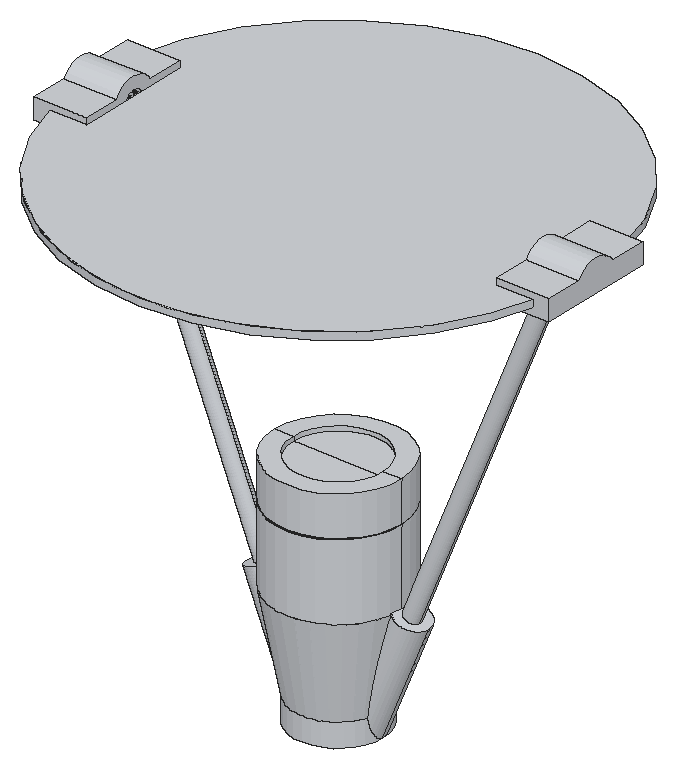
Revit family
Parameters (values of type "INDF-RD-150MH-0-CDC")
  Wattage Comments = "150W"
  Wattage = 12.1178 W
  built-in parameter 1150110 = 1 (stored number, unit not read)
  built-in parameter 1114217 = 1 (stored number, unit not read)
  Tilt Angle = 90.00°
  built-in parameter 1150109 = 1 (stored number, unit not read)
  built-in parameter 1150134 = (empty or 0)
  built-in parameter 1150113 = 1 (stored number, unit not read)
  Photometric Web File = "INDF-RD-150MH-0-CDC.IES"
  Model = "INDF"
  Manufacturer = "AAL"
  Lumens = 1800 lm
  built-in parameter 1150115 = 1 (stored number, unit not read)
  built-in parameter 1150105 = 143.24 (stored number, unit not read)
  built-in parameter 1150137 = (empty or 0)
  built-in parameter 1150139 = (empty or 0)
  built-in parameter 1150112 = 1 (stored number, unit not read)
  built-in parameter 1150114 = 1 (stored number, unit not read)
  Lamp = "MH"
  built-in parameter 1150132 = 2
  built-in parameter 1150102 = (empty or 0)
  built-in parameter 1150138 = (empty or 0)
  built-in parameter 1150107 = 3000 (stored number, unit not read)
  built-in parameter 1150106 = 1.4324 (stored number, unit not read)
  built-in parameter 1150104 = 13.8 (stored number, unit not read)
  Dimming Lamp Color Temperature Shift = (empty or 0)
  Color Filter = 16777215
  built-in parameter 1114218 = 1 (stored number, unit not read)
  built-in parameter 1150133 = 10 (stored number, unit not read)
Types (13): name | Wattage Comments | Photometric Web File | Lamp
  (no name) | "150W" | "INDF-RD-150MH-0-CDC.IES" | "MH"
  INDF-RD-30LED-BW-15 | "" | "INDF-RD-30LED-BW-15.IES" | "LED"
  INDF-RD-30LED-BW-30 | "" | "INDF-RD-30LED-BW-30.IES" | "LED"
  INDF-RD-30LED-BW | "" | "INDF-RD-30LED-BW.IES" | "LED"
  INDF-RD-30LED-WW | "" | "INDF-RD-30LED-WW.IES" | "LED"
  INDF-RD-150MH-0-CDC | "150W" | "INDF-RD-150MH-0-CDC.IES" | "MH"
  INDF-RD-150MH-15 | "150W" | "INDF-RD-150MH-15.IES" | "MH"
  INDF-RD-150MH-30 | "150W" | "INDF-RD-150MH-30.IES" | "MH"
  INDF-RD-150MHT6-0 CDC | "" | "INDF-RD-150MHT6-0 CDC.IES" | "MH"
  INDF-RD-150MHT6-0 | "150W" | "INDF-RD-150MHT6-0.IES" | "MH"
  INDF-RD-150MHT6-15 | "150W" | "INDF-RD-150MHT6-15.IES" | "MH"
  INDF-RD-150MHT6-30 | "150W" | "INDF-RD-150MHT6-30.IES" | "MH"
  INDF-RD-IL-85-0 | "150W" | "INDF-RD-IL-85-0.IES" | "MH"
Reference planes (in)
  plane 1 "Light Source Axis (F/B)": y = 0
  plane 2: z = 0
  plane 3 "Light Source Axis (L/R)": x = 0
  plane 4 "Light Source Elevation": z = 54
  plane 5: z = 39.63
  plane 6: x = -15
  plane 7: z = 51.6
  plane 8: z = 46.94
  plane 9: z = 41.04
Forms (in)
  Revolve 1, solid
    sketch origin (0, 0, 0) x (1, 0, 0) y (0, 0, 1)
      loop
        line (-2.71, 53.75) -> (-2.71, 54) -> (-3.835, 54) -> (-3.835, 51.6) -> (-3.76366, 51.6) -> (-3.76366, 51.50784) -> (-3.835, 51.50784) -> (-3.835, 46.94) -> (-2.71, 41.04) -> (-2.71, 39.63) -> (0, 39.63) -> (0, 53.75) -> (-2.71, 53.75)
      axis (0, 54) -> (0, 39.63)
    angle from 0 to 360
  Extrusion 2, solid
    sketch origin (-0.27447, 0, 42.34722) x (-0.927184, 0, 0.374607) y (0, -1, 0)
      loop
        circle (-2.71, 0) r 1.05366
    from -1.41 to 5.9
  Extrusion 3, solid
    sketch origin (-15.64833, 0, 4.2956) x (-0.927184, 0, 0.374607) y (0, -1, 0)
      loop
        circle (-2.71, 0) r 0.5
    from 39.63 to 69.76523
  Extrusion 4, solid
    sketch origin (0.27447, 0, 42.34722) x (0.927184, 0, 0.374607) y (0, 1, 0)
      loop
        circle (-2.71, 0) r 1.05366
    from -1.41 to 5.9
  Extrusion 5, solid
    sketch origin (15.64833, 0, 4.2956) x (0.927184, 0, 0.374607) y (0, 1, 0)
      loop
        circle (-2.71, 0) r 0.5
    from 39.63 to 69.76523
  Extrusion 6, solid
    sketch origin (0, 0, 0) x (1, 0, 0) y (0, 1, 0)
      loop
        circle (0, 0) r 15
    from 68.56595 to 69.02192
  Extrusion 7, solid
    sketch origin (21.09863, 0, 7.6022) x (0.947926, 0, 0.318492) y (0, 1, 0)
      loop
        circle (-13.0084, 0) r 0.75
    from 66.42693 to 68.56595
  Extrusion 8, solid
    sketch origin (0, 0, 0) x (0, 1, 0) y (0, 0, 1)
      loop
        line (-1.26283, 69.37544) -> (-3.51283, 69.37544) -> (-3.51283, 68.12544) -> (3.51283, 68.12544) -> (3.51283, 69.37544) -> (1.26283, 69.37544)
        arc (1.26283, 69.37544) -> (0, 70.06595) -> (-1.26283, 69.37544) r 1.5
    from -15.52876 to -12.34577
  Extrusion 9, solid
    sketch origin (0, 0, -0.43739) x (0, 1, 0) y (0, 0, 1)
      loop
        circle (0, 69.02192) r 0.75
    from -15 to -12.34577
  Extrusion 10, solid
    sketch origin (-21.09863, 0, 7.6022) x (-0.947926, 0, 0.318492) y (0, -1, 0)
      loop
        circle (-13.0084, 0) r 0.75
    from 66.42693 to 68.56595
  Extrusion 11, solid
    sketch origin (0, 0, 0) x (0, 1, 0) y (0, 0, -1)
      loop
        arc (-1.26283, -69.37544) -> (0, -70.06595) -> (1.26283, -69.37544) r 1.5
        line (1.26283, -69.37544) -> (3.51283, -69.37544) -> (3.51283, -68.12544) -> (-3.51283, -68.12544) -> (-3.51283, -69.37544) -> (-1.26283, -69.37544)
    from -15.52876 to -12.34577
  Extrusion 12, solid
    sketch origin (0, 0, -0.43739) x (0, 1, 0) y (0, 0, -1)
      loop
        circle (0, -69.02192) r 0.75
    from -15 to -12.34577
Dimensions and locks (in)
  aligned and locked: level to plane 2
